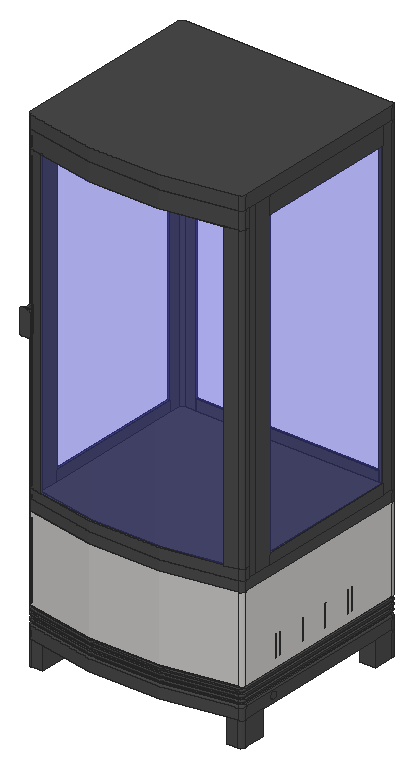
Revit family "QF_Turbo Air_CRT-77-1R", category Specialty Equipment, Revit 2014
Parameters
  Weight in Pounds = 81.5
  Watermarked By = ""
  Volts = 115 V
  URL Cutsheet = ""
  URL = "www.turboairinc.com"
  Status [instance] = ""
  Specification by User [instance] = ""
  Specification by Manufacturer [instance] = ""
  Serial Number [instance] = ""
  Revision Code [instance] = ""
  Phase = 1
  Number of Poles [instance] = 1
  NAFEM Spec ID Number [instance] = ""
  Model = "CRT-77-1R"
  Masterspec [instance] = ""
  Manufacturer = "Turbo Air"  # constant formula
  Item Number [instance] = "-"
  Installed By [instance] = ""
  HP = "2/9"
  Furnished By [instance] = ""
  Foodservice Equipment Identifier = yes
  FL Amps = 2.6 A
  Electrical Remarks [instance] = ""
  Electric Connection Type [instance] = ""
  Elec Conn RI Height [instance] = 0' - 0"
  Elec Conn Connection Height = 1' - 0"
  Description = "Refrigerated Show Case"
  Cycle = 60 Hz
  Conn Plug = "NEMA 5-15P"
  CSI MasterFormat = "11 41 13"
  Assembly Code = "E1090320"
  Apparent Power = if(Phase = 3, Volts * FL Amps * 1.73, Volts * FL Amps)  # 299 VA
Reference planes (in)
  plane 1 "BACK": y = 0
  plane 2: z = 0
  plane 3 "LEFT": x = -16.56573
  plane 4 "RIGHT": x = 0.18427
  plane 5 "FRONT": y = -16
  plane 6 "TOP": z = 38.5
  plane 7 "Bottom": z = 1.9375
  plane 8: z = 10.875
  plane 9 "Inside Bottom": z = 11.6875
  plane 10 "Glass Top": z = 36.125
  plane 11 "Inside Top": z = 37.5
  plane 12 "Vent Top": z = 4.3125
  plane 13 "Glass Bottom": z = 12.5
  plane 14 "Door Back": y = -14.38257
  plane 15 "Door Glass Left": x = -15.31573
  plane 16 "Door Glass Right": x = -1.06573
  plane 17 "Handle": z = 24.3125
Forms (in)
  Sweep 1, solid, material "QF_Plastic-Black-Fine Textured"
    path origin (0, 0, 1.9375) x (0, 1, 0) y (-1, 0, 0)
      loop
        line (-0.375, 16.56573) -> (-14.58872, 16.56573)
        arc (-14.58872, 16.56573) -> (-14.81696, 16.48827) -> (-14.95091, 16.28789) r 0.375
        arc (-14.95091, 16.28789) -> (-16.01816, 8.19073) -> (-14.95091, 0.09356) r 31.25
        arc (-14.95091, 0.09356) -> (-14.81696, -0.10682) -> (-14.58872, -0.18427) r 0.375
        line (-14.58872, -0.18427) -> (-0.375, -0.18427)
        arc (-0.375, -0.18427) -> (-0.10983, -0.07444) -> (0, 0.19073) r 0.375
        line (0, 0.19073) -> (0, 16.19073)
        arc (0, 16.19073) -> (-0.10983, 16.45589) -> (-0.375, 16.56573) r 0.375
    profile origin (-16.56573, -7.48186, 1.9375) x (1, 0, 0) y (0, 0, 1)
      loop
        line (0, 0) -> (0.0625, 0) -> (0.0625, 0.875)
        arc (0.0625, 0.875) -> (0.08081, 0.91919) -> (0.125, 0.9375) r 0.0625
        line (0.125, 0.9375) -> (0.3125, 0.9375) -> (0.3125, 2.375) -> (0.25, 2.375) -> (0.25, 2.125) -> (0.0625, 2.125)
        arc (0.0625, 2.125) -> (0, 2.0625) -> (0.0625, 2) r 0.0625
        line (0.0625, 2) -> (0.25, 2) -> (0.25, 1.75) -> (0.0625, 1.75)
        arc (0.0625, 1.75) -> (0, 1.6875) -> (0.0625, 1.625) r 0.0625
        line (0.0625, 1.625) -> (0.25, 1.625) -> (0.25, 1.375) -> (0.0625, 1.375)
        arc (0.0625, 1.375) -> (0, 1.3125) -> (0.0625, 1.25) r 0.0625
        line (0.0625, 1.25) -> (0.25, 1.25) -> (0.25, 1) -> (0.125, 1)
        arc (0.125, 1) -> (0.03661, 0.96339) -> (0, 0.875) r 0.125
        line (0, 0.875) -> (0, 0)
  Extrusion 2, solid, material "QF_Plastic-Black-Fine Textured"
    sketch origin (0, 0, 1.9375) x (0, 1, 0) y (-1, 0, 0)
      loop
        arc (-0.3125, 16.19073) -> (-0.33081, 16.23492) -> (-0.375, 16.25323) r 0.0625
        line (-0.375, 16.25323) -> (-14.58872, 16.25323)
        arc (-14.58872, 16.25323) -> (-14.62676, 16.24032) -> (-14.64908, 16.20692) r 0.0625
        arc (-14.64908, 16.20692) -> (-15.70566, 8.19073) -> (-14.64908, 0.17453) r 30.9375
        arc (-14.64908, 0.17453) -> (-14.62676, 0.14114) -> (-14.58872, 0.12823) r 0.0625
        line (-14.58872, 0.12823) -> (-0.375, 0.12823)
        arc (-0.375, 0.12823) -> (-0.33081, 0.14653) -> (-0.3125, 0.19073) r 0.0625
        line (-0.3125, 0.19073) -> (-0.3125, 16.19073)
    from 0 to 2.375
  Extrusion 3, solid, material "QF_Stainless-Polished"
    sketch origin (0, 0, 1.9375) x (0, 1, 0) y (-1, 0, 0)
      loop
        line (-0.375, 16.56573) -> (-14.58872, 16.56573)
        arc (-14.58872, 16.56573) -> (-14.81696, 16.48827) -> (-14.95091, 16.28789) r 0.375
        arc (-14.95091, 16.28789) -> (-16.01816, 8.19073) -> (-14.95091, 0.09356) r 31.25
        arc (-14.95091, 0.09356) -> (-14.81696, -0.10682) -> (-14.58872, -0.18427) r 0.375
        line (-14.58872, -0.18427) -> (-0.375, -0.18427)
        arc (-0.375, -0.18427) -> (-0.10983, -0.07444) -> (0, 0.19073) r 0.375
        line (0, 0.19073) -> (0, 16.19073)
        arc (0, 16.19073) -> (-0.10983, 16.45589) -> (-0.375, 16.56573) r 0.375
      loop
        line (-0.125, 0.19073) -> (-0.125, 16.19073)
        arc (-0.125, 16.19073) -> (-0.19822, 16.3675) -> (-0.375, 16.44073) r 0.25
        line (-0.375, 16.44073) -> (-14.58872, 16.44073)
        arc (-14.58872, 16.44073) -> (-14.74088, 16.38909) -> (-14.83018, 16.2555) r 0.25
        arc (-14.83018, 16.2555) -> (-15.89316, 8.19073) -> (-14.83018, 0.12595) r 31.125
        arc (-14.83018, 0.12595) -> (-14.74088, -0.00764) -> (-14.58872, -0.05927) r 0.25
        line (-14.58872, -0.05927) -> (-0.375, -0.05927)
        arc (-0.375, -0.05927) -> (-0.19822, 0.01395) -> (-0.125, 0.19073) r 0.25
    from 2.375 to 8.9375
  Extrusion 4, void
    sketch origin (-16.56573, 0, 0) x (0, 1, 0) y (0, 0, 1)
      loop
        line (-9.00908, 4.9375) -> (-9.00908, 6.6875)
        arc (-9.00908, 6.6875) -> (-9.07158, 6.75) -> (-9.13408, 6.6875) r 0.0625
        line (-9.13408, 6.6875) -> (-9.13408, 4.9375)
        arc (-9.13408, 4.9375) -> (-9.07158, 4.875) -> (-9.00908, 4.9375) r 0.0625
      loop
        line (-9.38408, 4.9375) -> (-9.38408, 6.6875)
        arc (-9.38408, 6.6875) -> (-9.44658, 6.75) -> (-9.50908, 6.6875) r 0.0625
        line (-9.50908, 6.6875) -> (-9.50908, 4.9375)
        arc (-9.50908, 4.9375) -> (-9.44658, 4.875) -> (-9.38408, 4.9375) r 0.0625
      loop
        line (-9.75908, 4.9375) -> (-9.75908, 6.6875)
        arc (-9.75908, 6.6875) -> (-9.82158, 6.75) -> (-9.88408, 6.6875) r 0.0625
        line (-9.88408, 6.6875) -> (-9.88408, 4.9375)
        arc (-9.88408, 4.9375) -> (-9.82158, 4.875) -> (-9.75908, 4.9375) r 0.0625
      loop
        line (-10.13408, 4.9375) -> (-10.13408, 6.6875)
        arc (-10.13408, 6.6875) -> (-10.19658, 6.75) -> (-10.25908, 6.6875) r 0.0625
        line (-10.25908, 6.6875) -> (-10.25908, 4.9375)
        arc (-10.25908, 4.9375) -> (-10.19658, 4.875) -> (-10.13408, 4.9375) r 0.0625
      loop
        line (-10.50908, 4.9375) -> (-10.50908, 6.6875)
        arc (-10.50908, 6.6875) -> (-10.57158, 6.75) -> (-10.63408, 6.6875) r 0.0625
        line (-10.63408, 6.6875) -> (-10.63408, 4.9375)
        arc (-10.63408, 4.9375) -> (-10.57158, 4.875) -> (-10.50908, 4.9375) r 0.0625
      loop
        line (-10.88408, 4.9375) -> (-10.88408, 6.6875)
        arc (-10.88408, 6.6875) -> (-10.94658, 6.75) -> (-11.00908, 6.6875) r 0.0625
        line (-11.00908, 6.6875) -> (-11.00908, 4.9375)
        arc (-11.00908, 4.9375) -> (-10.94658, 4.875) -> (-10.88408, 4.9375) r 0.0625
      loop
        line (-11.25908, 4.9375) -> (-11.25908, 6.6875)
        arc (-11.25908, 6.6875) -> (-11.32158, 6.75) -> (-11.38408, 6.6875) r 0.0625
        line (-11.38408, 6.6875) -> (-11.38408, 4.9375)
        arc (-11.38408, 4.9375) -> (-11.32158, 4.875) -> (-11.25908, 4.9375) r 0.0625
      loop
        line (-11.63408, 4.9375) -> (-11.63408, 6.6875)
        arc (-11.63408, 6.6875) -> (-11.69658, 6.75) -> (-11.75908, 6.6875) r 0.0625
        line (-11.75908, 6.6875) -> (-11.75908, 4.9375)
        arc (-11.75908, 4.9375) -> (-11.69658, 4.875) -> (-11.63408, 4.9375) r 0.0625
      loop
        line (-12.00908, 4.9375) -> (-12.00908, 6.6875)
        arc (-12.00908, 6.6875) -> (-12.07158, 6.75) -> (-12.13408, 6.6875) r 0.0625
        line (-12.13408, 6.6875) -> (-12.13408, 4.9375)
        arc (-12.13408, 4.9375) -> (-12.07158, 4.875) -> (-12.00908, 4.9375) r 0.0625
      loop
        line (-12.38408, 4.9375) -> (-12.38408, 6.6875)
        arc (-12.38408, 6.6875) -> (-12.44658, 6.75) -> (-12.50908, 6.6875) r 0.0625
        line (-12.50908, 6.6875) -> (-12.50908, 4.9375)
        arc (-12.50908, 4.9375) -> (-12.44658, 4.875) -> (-12.38408, 4.9375) r 0.0625
      loop
        line (-12.75908, 4.9375) -> (-12.75908, 6.6875)
        arc (-12.75908, 6.6875) -> (-12.82158, 6.75) -> (-12.88408, 6.6875) r 0.0625
        line (-12.88408, 6.6875) -> (-12.88408, 4.9375)
        arc (-12.88408, 4.9375) -> (-12.82158, 4.875) -> (-12.75908, 4.9375) r 0.0625
      loop
        line (-13.13408, 4.9375) -> (-13.13408, 6.6875)
        arc (-13.13408, 6.6875) -> (-13.19658, 6.75) -> (-13.25908, 6.6875) r 0.0625
        line (-13.25908, 6.6875) -> (-13.25908, 4.9375)
        arc (-13.25908, 4.9375) -> (-13.19658, 4.875) -> (-13.13408, 4.9375) r 0.0625
      loop
        line (-13.50908, 4.9375) -> (-13.50908, 6.6875)
        arc (-13.50908, 6.6875) -> (-13.57158, 6.75) -> (-13.63408, 6.6875) r 0.0625
        line (-13.63408, 6.6875) -> (-13.63408, 4.9375)
        arc (-13.63408, 4.9375) -> (-13.57158, 4.875) -> (-13.50908, 4.9375) r 0.0625
      loop
        arc (-7.00908, 4.9375) -> (-6.94658, 4.875) -> (-6.88408, 4.9375) r 0.0625
        line (-6.88408, 4.9375) -> (-6.88408, 6.6875)
        arc (-6.88408, 6.6875) -> (-6.94658, 6.75) -> (-7.00908, 6.6875) r 0.0625
        line (-7.00908, 6.6875) -> (-7.00908, 4.9375)
      loop
        arc (-6.63408, 4.9375) -> (-6.57158, 4.875) -> (-6.50908, 4.9375) r 0.0625
        line (-6.50908, 4.9375) -> (-6.50908, 6.6875)
        arc (-6.50908, 6.6875) -> (-6.57158, 6.75) -> (-6.63408, 6.6875) r 0.0625
        line (-6.63408, 6.6875) -> (-6.63408, 4.9375)
      loop
        arc (-6.25908, 4.9375) -> (-6.19658, 4.875) -> (-6.13408, 4.9375) r 0.0625
        line (-6.13408, 4.9375) -> (-6.13408, 6.6875)
        arc (-6.13408, 6.6875) -> (-6.19658, 6.75) -> (-6.25908, 6.6875) r 0.0625
        line (-6.25908, 6.6875) -> (-6.25908, 4.9375)
      loop
        arc (-5.88408, 4.9375) -> (-5.82158, 4.875) -> (-5.75908, 4.9375) r 0.0625
        line (-5.75908, 4.9375) -> (-5.75908, 6.6875)
        arc (-5.75908, 6.6875) -> (-5.82158, 6.75) -> (-5.88408, 6.6875) r 0.0625
        line (-5.88408, 6.6875) -> (-5.88408, 4.9375)
      loop
        arc (-5.50908, 4.9375) -> (-5.44658, 4.875) -> (-5.38408, 4.9375) r 0.0625
        line (-5.38408, 4.9375) -> (-5.38408, 6.6875)
        arc (-5.38408, 6.6875) -> (-5.44658, 6.75) -> (-5.50908, 6.6875) r 0.0625
        line (-5.50908, 6.6875) -> (-5.50908, 4.9375)
      loop
        arc (-5.13408, 4.9375) -> (-5.07158, 4.875) -> (-5.00908, 4.9375) r 0.0625
        line (-5.00908, 4.9375) -> (-5.00908, 6.6875)
        arc (-5.00908, 6.6875) -> (-5.07158, 6.75) -> (-5.13408, 6.6875) r 0.0625
        line (-5.13408, 6.6875) -> (-5.13408, 4.9375)
      loop
        arc (-4.75908, 4.9375) -> (-4.69658, 4.875) -> (-4.63408, 4.9375) r 0.0625
        line (-4.63408, 4.9375) -> (-4.63408, 6.6875)
        arc (-4.63408, 6.6875) -> (-4.69658, 6.75) -> (-4.75908, 6.6875) r 0.0625
        line (-4.75908, 6.6875) -> (-4.75908, 4.9375)
      loop
        arc (-4.38408, 4.9375) -> (-4.32158, 4.875) -> (-4.25908, 4.9375) r 0.0625
        line (-4.25908, 4.9375) -> (-4.25908, 6.6875)
        arc (-4.25908, 6.6875) -> (-4.32158, 6.75) -> (-4.38408, 6.6875) r 0.0625
        line (-4.38408, 6.6875) -> (-4.38408, 4.9375)
      loop
        arc (-4.00908, 4.9375) -> (-3.94658, 4.875) -> (-3.88408, 4.9375) r 0.0625
        line (-3.88408, 4.9375) -> (-3.88408, 6.6875)
        arc (-3.88408, 6.6875) -> (-3.94658, 6.75) -> (-4.00908, 6.6875) r 0.0625
        line (-4.00908, 6.6875) -> (-4.00908, 4.9375)
      loop
        arc (-3.63408, 4.9375) -> (-3.57158, 4.875) -> (-3.50908, 4.9375) r 0.0625
        line (-3.50908, 4.9375) -> (-3.50908, 6.6875)
        arc (-3.50908, 6.6875) -> (-3.57158, 6.75) -> (-3.63408, 6.6875) r 0.0625
        line (-3.63408, 6.6875) -> (-3.63408, 4.9375)
      loop
        arc (-3.25908, 4.9375) -> (-3.19658, 4.875) -> (-3.13408, 4.9375) r 0.0625
        line (-3.13408, 4.9375) -> (-3.13408, 6.6875)
        arc (-3.13408, 6.6875) -> (-3.19658, 6.75) -> (-3.25908, 6.6875) r 0.0625
        line (-3.25908, 6.6875) -> (-3.25908, 4.9375)
      loop
        arc (-2.88408, 4.9375) -> (-2.82158, 4.875) -> (-2.75908, 4.9375) r 0.0625
        line (-2.75908, 4.9375) -> (-2.75908, 6.6875)
        arc (-2.75908, 6.6875) -> (-2.82158, 6.75) -> (-2.88408, 6.6875) r 0.0625
        line (-2.88408, 6.6875) -> (-2.88408, 4.9375)
      loop
        arc (-2.50908, 4.9375) -> (-2.44658, 4.875) -> (-2.38408, 4.9375) r 0.0625
        line (-2.38408, 4.9375) -> (-2.38408, 6.6875)
        arc (-2.38408, 6.6875) -> (-2.44658, 6.75) -> (-2.50908, 6.6875) r 0.0625
        line (-2.50908, 6.6875) -> (-2.50908, 4.9375)
    from 0 to 16.75
  Extrusion 5, solid, material "QF_Plastic-Black-Fine Textured"
    sketch origin (0, 0, 11.6875) x (0, 1, 0) y (-1, 0, 0)
      loop
        arc (0, 16.19073) -> (-0.10983, 16.45589) -> (-0.375, 16.56573) r 0.375
        line (-0.375, 16.56573) -> (-14.58872, 16.56573)
        arc (-14.58872, 16.56573) -> (-14.81696, 16.48827) -> (-14.95091, 16.28789) r 0.375
        arc (-14.95091, 16.28789) -> (-16.01816, 8.19073) -> (-14.95091, 0.09356) r 31.25
        arc (-14.95091, 0.09356) -> (-14.81696, -0.10682) -> (-14.58872, -0.18427) r 0.375
        line (-14.58872, -0.18427) -> (-0.375, -0.18427)
        arc (-0.375, -0.18427) -> (-0.10983, -0.07444) -> (0, 0.19073) r 0.375
        line (0, 0.19073) -> (0, 16.19073)
    from 0 to -0.8125
  Extrusion 6, solid, material "QF_Plastic-Black-Fine Textured"
    sketch origin (0, 0, 11.6875) x (0, 1, 0) y (-1, 0, 0)
      loop
        arc (0, 16.19073) -> (-0.10983, 16.45589) -> (-0.375, 16.56573) r 0.375
        line (-0.375, 16.56573) -> (-1.25, 16.56573) -> (-1.25, 16.44073) -> (-0.375, 16.44073)
        arc (-0.375, 16.44073) -> (-0.19822, 16.3675) -> (-0.125, 16.19073) r 0.25
        line (-0.125, 16.19073) -> (-0.125, 15.31573) -> (0, 15.31573) -> (0, 16.19073)
      loop
        line (0, 0.19073) -> (0, 1.06573) -> (-0.125, 1.06573) -> (-0.125, 0.19073)
        arc (-0.125, 0.19073) -> (-0.19822, 0.01395) -> (-0.375, -0.05927) r 0.25
        line (-0.375, -0.05927) -> (-1.25, -0.05927) -> (-1.25, -0.18427) -> (-0.375, -0.18427)
        arc (-0.375, -0.18427) -> (-0.10983, -0.07444) -> (0, 0.19073) r 0.375
      loop
        arc (-15.06667, 15.31573) -> (-14.95208, 15.78653) -> (-14.83018, 16.2555) r 31.125
        arc (-14.83018, 16.2555) -> (-14.74088, 16.38909) -> (-14.58872, 16.44073) r 0.25
        line (-14.58872, 16.44073) -> (-13.71372, 16.44073) -> (-13.71372, 16.56573) -> (-14.58872, 16.56573)
        arc (-14.58872, 16.56573) -> (-14.81696, 16.48827) -> (-14.95091, 16.28789) r 0.375
        arc (-14.95091, 16.28789) -> (-15.07689, 15.80279) -> (-15.19507, 15.31573) r 31.25
        line (-15.19507, 15.31573) -> (-15.06667, 15.31573)
      loop
        line (-12.27622, 16.44073) -> (-12.27622, 16.56573) -> (-13.65122, 16.56573) -> (-13.65122, 16.44073) -> (-12.27622, 16.44073)
      loop
        line (-15.06667, 1.06573) -> (-15.19507, 1.06573)
        arc (-15.19507, 1.06573) -> (-15.07689, 0.57866) -> (-14.95091, 0.09356) r 31.25
        arc (-14.95091, 0.09356) -> (-14.81696, -0.10682) -> (-14.58872, -0.18427) r 0.375
        line (-14.58872, -0.18427) -> (-13.71372, -0.18427) -> (-13.71372, -0.05927) -> (-14.58872, -0.05927)
        arc (-14.58872, -0.05927) -> (-14.74088, -0.00764) -> (-14.83018, 0.12595) r 0.25
        arc (-14.83018, 0.12595) -> (-14.95208, 0.59492) -> (-15.06667, 1.06573) r 31.125
      loop
        line (-12.27622, -0.05927) -> (-13.65122, -0.05927) -> (-13.65122, -0.18427) -> (-12.27622, -0.18427) -> (-12.27622, -0.05927)
    from 0 to 25.8125
  Extrusion 7, void
    sketch origin (-16.56573, 0, 0) x (0, 1, 0) y (0, 0, 1)
      loop
        line (-15.19507, 37.5) -> (-15.19507, 11.6875) -> (-14.38257, 11.6875) -> (-14.38257, 37.5) -> (-15.19507, 37.5)
    from 0 to 16.75
  Extrusion 8, solid, material "QF_Plastic-Black-Fine Textured"
    sketch origin (0, 0, 11.6875) x (0, 1, 0) y (-1, 0, 0)
      loop
        line (-14.38257, 16.56573) -> (-14.58872, 16.56573)
        arc (-14.58872, 16.56573) -> (-14.81696, 16.48827) -> (-14.95091, 16.28789) r 0.375
        arc (-14.95091, 16.28789) -> (-16.01816, 8.19073) -> (-14.95091, 0.09356) r 31.25
        arc (-14.95091, 0.09356) -> (-14.81696, -0.10682) -> (-14.58872, -0.18427) r 0.375
        line (-14.58872, -0.18427) -> (-14.38257, -0.18427) -> (-14.38257, -0.05927) -> (-14.58872, -0.05927)
        arc (-14.58872, -0.05927) -> (-14.74088, -0.00764) -> (-14.83018, 0.12595) r 0.25
        arc (-14.83018, 0.12595) -> (-15.89316, 8.19073) -> (-14.83018, 16.2555) r 31.125
        arc (-14.83018, 16.2555) -> (-14.74088, 16.38909) -> (-14.58872, 16.44073) r 0.25
        line (-14.58872, 16.44073) -> (-14.38257, 16.44073) -> (-14.38257, 16.56573)
    from 0 to 0.8125
  Extrusion 9, solid, material "QF_Plastic-Black-Fine Textured"
    sketch origin (0, 0, 36.125) x (0, 1, 0) y (-1, 0, 0)
      loop
        line (-14.38257, 16.56573) -> (-14.58872, 16.56573)
        arc (-14.58872, 16.56573) -> (-14.81696, 16.48827) -> (-14.95091, 16.28789) r 0.375
        arc (-14.95091, 16.28789) -> (-16.01816, 8.19073) -> (-14.95091, 0.09356) r 31.25
        arc (-14.95091, 0.09356) -> (-14.81696, -0.10682) -> (-14.58872, -0.18427) r 0.375
        line (-14.58872, -0.18427) -> (-14.38257, -0.18427) -> (-14.38257, -0.05927) -> (-14.58872, -0.05927)
        arc (-14.58872, -0.05927) -> (-14.74088, -0.00764) -> (-14.83018, 0.12595) r 0.25
        arc (-14.83018, 0.12595) -> (-15.89316, 8.19073) -> (-14.83018, 16.2555) r 31.125
        arc (-14.83018, 16.2555) -> (-14.74088, 16.38909) -> (-14.58872, 16.44073) r 0.25
        line (-14.58872, 16.44073) -> (-14.38257, 16.44073) -> (-14.38257, 16.56573)
    from 0 to 1.375
  Extrusion 10, solid, material "QF_Plastic-Black-Fine Textured"
    sketch origin (0, 0, 11.6875) x (0, 1, 0) y (-1, 0, 0)
      loop
        line (-14.38257, 16.56573) -> (-14.58872, 16.56573)
        arc (-14.58872, 16.56573) -> (-14.81696, 16.48827) -> (-14.95091, 16.28789) r 0.375
        arc (-14.95091, 16.28789) -> (-15.07689, 15.80279) -> (-15.19507, 15.31573) r 31.25
        line (-15.19507, 15.31573) -> (-15.06667, 15.31573)
        arc (-15.06667, 15.31573) -> (-14.95208, 15.78653) -> (-14.83018, 16.2555) r 31.125
        arc (-14.83018, 16.2555) -> (-14.74088, 16.38909) -> (-14.58872, 16.44073) r 0.25
        line (-14.58872, 16.44073) -> (-14.38257, 16.44073) -> (-14.38257, 16.56573)
      loop
        line (-14.38257, -0.18427) -> (-14.38257, -0.05927) -> (-14.58872, -0.05927)
        arc (-14.58872, -0.05927) -> (-14.74088, -0.00764) -> (-14.83018, 0.12595) r 0.25
        arc (-14.83018, 0.12595) -> (-14.95208, 0.59492) -> (-15.06667, 1.06573) r 31.125
        line (-15.06667, 1.06573) -> (-15.19507, 1.06573)
        arc (-15.19507, 1.06573) -> (-15.07689, 0.57866) -> (-14.95091, 0.09356) r 31.25
        arc (-14.95091, 0.09356) -> (-14.81696, -0.10682) -> (-14.58872, -0.18427) r 0.375
        line (-14.58872, -0.18427) -> (-14.38257, -0.18427)
    from 0.8125 to 24.4375
  Extrusion 11, solid, material "QF_Glass-Cast-Clear"
    sketch origin (0, 0, 11.6875) x (0, 1, 0) y (-1, 0, 0)
      loop
        arc (-15.19507, 15.31573) -> (-16.01816, 8.19073) -> (-15.19507, 1.06573) r 31.25
        line (-15.19507, 1.06573) -> (-15.06667, 1.06573)
        arc (-15.06667, 1.06573) -> (-15.89316, 8.19073) -> (-15.06667, 15.31573) r 31.125
        line (-15.06667, 15.31573) -> (-15.19507, 15.31573)
    from 0.8125 to 24.4375
  Extrusion 12, solid, material "QF_Plastic-Black-Fine Textured"
    sketch origin (0, 0, 11.6875) x (0, 1, 0) y (-1, 0, 0)
      loop
        line (-1.25, 16.56573) -> (-12.27622, 16.56573) -> (-12.27622, 16.44073) -> (-1.25, 16.44073) -> (-1.25, 16.56573)
      loop
        line (0, 15.31573) -> (-0.125, 15.31573) -> (-0.125, 1.06573) -> (0, 1.06573) -> (0, 15.31573)
      loop
        line (-1.25, -0.05927) -> (-12.27622, -0.05927) -> (-12.27622, -0.18427) -> (-1.25, -0.18427) -> (-1.25, -0.05927)
    from 0 to 0.8125
  Extrusion 13, solid, material "QF_Plastic-Black-Fine Textured"
    sketch origin (0, 0, 36.125) x (0, 1, 0) y (-1, 0, 0)
      loop
        line (-1.25, 16.56573) -> (-12.27622, 16.56573) -> (-12.27622, 16.44073) -> (-1.25, 16.44073) -> (-1.25, 16.56573)
      loop
        line (0, 15.31573) -> (-0.125, 15.31573) -> (-0.125, 1.06573) -> (0, 1.06573) -> (0, 15.31573)
      loop
        line (-1.25, -0.05927) -> (-12.27622, -0.05927) -> (-12.27622, -0.18427) -> (-1.25, -0.18427) -> (-1.25, -0.05927)
    from 0 to 1.375
  Extrusion 14, solid, material "QF_Glass-Cast-Clear"
    sketch origin (0, 0, 12.5) x (0, 1, 0) y (-1, 0, 0)
      loop
        line (-1.25, 16.56573) -> (-12.27622, 16.56573) -> (-12.27622, 16.44073) -> (-1.25, 16.44073) -> (-1.25, 16.56573)
      loop
        line (0, 15.31573) -> (-0.125, 15.31573) -> (-0.125, 1.06573) -> (0, 1.06573) -> (0, 15.31573)
      loop
        line (-1.25, -0.05927) -> (-12.27622, -0.05927) -> (-12.27622, -0.18427) -> (-1.25, -0.18427) -> (-1.25, -0.05927)
    from 0 to 23.625
  Extrusion 15, solid, material "QF_Plastic-Black-Fine Textured"
    sketch origin (0, 0, 37.5) x (0, 1, 0) y (-1, 0, 0)
      loop
        arc (0, 16.19073) -> (-0.10983, 16.45589) -> (-0.375, 16.56573) r 0.375
        line (-0.375, 16.56573) -> (-14.58872, 16.56573)
        arc (-14.58872, 16.56573) -> (-14.81696, 16.48827) -> (-14.95091, 16.28789) r 0.375
        arc (-14.95091, 16.28789) -> (-16.01816, 8.19073) -> (-14.95091, 0.09356) r 31.25
        arc (-14.95091, 0.09356) -> (-14.81696, -0.10682) -> (-14.58872, -0.18427) r 0.375
        line (-14.58872, -0.18427) -> (-0.375, -0.18427)
        arc (-0.375, -0.18427) -> (-0.10983, -0.07444) -> (0, 0.19073) r 0.375
        line (0, 0.19073) -> (0, 16.19073)
    from 0 to 1
  Extrusion 16, solid, material "QF_Plastic-Black-Fine Textured"
    sketch origin (0, 0, 24.3125) x (0, 1, 0) y (-1, 0, 0)
      loop
        line (-14.96019, 16.25323) -> (-15.5, 16.25323) -> (-15.5, 16.12823) -> (-14.99329, 16.12823)
        arc (-14.99329, 16.12823) -> (-14.9768, 16.19074) -> (-14.96019, 16.25323) r 31.25
    from -1 to 1
  Extrusion 17, solid, material "QF_Plastic-Black-Fine Textured"
    sketch origin (0, -16, 0) x (1, 0, 0) y (0, 0, 1)
      loop
        arc (-16.40948, 25.3125) -> (-16.54206, 25.25758) -> (-16.59698, 25.125) r 0.1875
        line (-16.59698, 25.125) -> (-16.59698, 23.5)
        arc (-16.59698, 23.5) -> (-16.54206, 23.36742) -> (-16.40948, 23.3125) r 0.1875
        line (-16.40948, 23.3125) -> (-15.97198, 23.3125)
        arc (-15.97198, 23.3125) -> (-15.83939, 23.36742) -> (-15.78448, 23.5) r 0.1875
        line (-15.78448, 23.5) -> (-15.78448, 25.125)
        arc (-15.78448, 25.125) -> (-15.83939, 25.25758) -> (-15.97198, 25.3125) r 0.1875
        line (-15.97198, 25.3125) -> (-16.40948, 25.3125)
    from -0.5 to -0.375
  Extrusion 18, solid, material "QF_Clearance", detail levels coarse+medium
    sketch origin (0, 0, 11.6875) x (0, 1, 0) y (-1, 0, 0)
      loop
        line (-14.38257, -0.39042) -> (-14.38257, -0.18427) -> (-14.58872, -0.18427)
        arc (-14.58872, -0.18427) -> (-14.81696, -0.10682) -> (-14.95091, 0.09356) r 0.375
        arc (-14.95091, 0.09356) -> (-16.01708, 7.93069) -> (-15.08148, 15.78448) r 31.25
        line (-15.08148, 15.78448) -> (-15.625, 15.78448) -> (-15.625, 16.51958)
        arc (-15.625, 16.51958) -> (-26.65802, 11.21204) -> (-31.13257, -0.18427) r 16.75
        line (-31.13257, -0.18427) -> (-31.13257, -0.39042)
        arc (-31.13257, -0.39042) -> (-31.05511, -0.61866) -> (-30.85474, -0.75261) r 0.375
        arc (-30.85474, -0.75261) -> (-22.75757, -1.81986) -> (-14.6604, -0.75261) r 31.25
        arc (-14.6604, -0.75261) -> (-14.46003, -0.61866) -> (-14.38257, -0.39042) r 0.375
    from 0 to 25.8125
  Extrusion 19, solid, material "QF_Plastic-Black-Fine Textured"
    sketch origin (0, 0, 0) x (1, 0, 0) y (0, 1, 0)
      loop
        arc (-16.19073, 0) -> (-16.45589, -0.10983) -> (-16.56573, -0.375) r 0.375
        line (-16.56573, -0.375) -> (-16.56573, -2) -> (-15.37823, -2) -> (-15.37823, 0) -> (-16.19073, 0)
      loop
        line (-0.19073, 0) -> (-1.00323, 0) -> (-1.00323, -2) -> (0.18427, -2) -> (0.18427, -0.375)
        arc (0.18427, -0.375) -> (0.07444, -0.10983) -> (-0.19073, 0) r 0.375
      loop
        line (-16.19073, -14.96372) -> (-15.37823, -14.96372) -> (-15.37823, -12.96372) -> (-16.56573, -12.96372) -> (-16.56573, -14.58872)
        arc (-16.56573, -14.58872) -> (-16.45589, -14.85388) -> (-16.19073, -14.96372) r 0.375
      loop
        arc (-0.19073, -14.96372) -> (0.07444, -14.85388) -> (0.18427, -14.58872) r 0.375
        line (0.18427, -14.58872) -> (0.18427, -12.96372) -> (-1.00323, -12.96372) -> (-1.00323, -14.96372) -> (-0.19073, -14.96372)
    from 0 to 1.9375
  Extrusion 20, solid, material "QF_Plastic-Black-Fine Textured"
    sketch origin (0.18427, 0, 0) x (0, 1, 0) y (0, 0, 1)
      loop
        circle (-12, 2.5) r 0.25
    from 0 to 0.0625
Cuts and joins
  Extrusion 4 cuts Extrusion 3
  Extrusion 7 cuts Extrusion 6
Lines and regions (in)
  symbolic lines
    curve 1: arc (-16.19073, 0, 11.6875) -> (-16.45589, -0.10983, 11.6875) -> (-16.56573, -0.375, 11.6875) r 0.375
    curve 2: line (-0.19073, 0, 11.6875) -> (-16.19073, 0, 11.6875)
    curve 3: line (-16.56573, -0.375, 11.6875) -> (-16.56573, -14.58872, 11.6875)
    curve 4: arc (0.18427, -0.375, 11.6875) -> (0.07444, -0.10983, 11.6875) -> (-0.19073, 0, 11.6875) r 0.375
    curve 5: line (0.18427, -14.58872, 11.6875) -> (0.18427, -0.375, 11.6875)
    curve 6: arc (-0.09356, -14.95091, 11.6875) -> (0.10682, -14.81696, 11.6875) -> (0.18427, -14.58872, 11.6875) r 0.375
    curve 7: arc (-16.28789, -14.95091, 11.6875) -> (-8.19073, -16.01816, 11.6875) -> (-0.09356, -14.95091, 11.6875) r 31.25
    curve 8: arc (-16.56573, -14.58872, 11.6875) -> (-16.48827, -14.81696, 11.6875) -> (-16.28789, -14.95091, 11.6875) r 0.375
    curve 9: line (-16.25323, -14.96019, 11.6875) -> (-16.25323, -15.5, 11.6875)
    curve 10: line (-16.12823, -15.5, 11.6875) -> (-16.12823, -14.99329, 11.6875)
    curve 11: line (-15.78448, -15.625, 11.6875) -> (-16.59698, -15.625, 11.6875)
    curve 12: line (-15.78448, -15.5, 11.6875) -> (-16.59698, -15.5, 11.6875)
    curve 13: line (-16.59698, -15.5, 11.6875) -> (-16.59698, -15.625, 11.6875)
    curve 14: line (-15.78448, -15.5, 11.6875) -> (-15.78448, -15.625, 11.6875)
  symbolic lines, style "QF_Clearances_Door_Drawer", detail levels coarse+medium
    curve 15: arc (-16.51958, -15.625, 11.6875) -> (-11.21204, -26.65802, 11.6875) -> (0.18427, -31.13257, 11.6875) r 16.75
    curve 16: arc (0.75261, -30.85474, 11.6875) -> (1.81986, -22.75757, 11.6875) -> (0.75261, -14.6604, 11.6875) r 31.25
    curve 17: arc (0.75261, -14.6604, 11.6875) -> (0.61866, -14.46003, 11.6875) -> (0.39042, -14.38257, 11.6875) r 0.375
    curve 18: line (0.39042, -14.38257, 11.6875) -> (0.18427, -14.38257, 11.6875)
    curve 19: arc (0.39042, -31.13257, 11.6875) -> (0.61866, -31.05511, 11.6875) -> (0.75261, -30.85474, 11.6875) r 0.375
    curve 20: line (0.18427, -31.13257, 11.6875) -> (0.39042, -31.13257, 11.6875)
Dimensions and locks (in)
  locked: plane 4 "RIGHT" to plane 3 "LEFT" at 16.75
  locked: plane 5 "FRONT" to plane 1 "BACK" at 16
  locked: plane 6 "TOP" to plane 2 at 38.5
  plane 6 "TOP" to plane 11 "Inside Top" = 0' - 1"
  plane 11 "Inside Top" to plane 10 "Glass Top" = 0' - 1 3/8"
  locked: plane 7 "Bottom" to level at 1.9375
  locked: plane 12 "Vent Top" to plane 7 "Bottom" at 2.375
  locked: plane 9 "Inside Bottom" to plane 8 at 0.8125
  locked: plane 8 to plane 12 "Vent Top" at 6.5625
  locked: plane 13 "Glass Bottom" to plane 9 "Inside Bottom" at 0.8125
  locked: plane 5 "FRONT" to plane 14 "Door Back" at 1.61743
  locked: plane 3 "LEFT" to plane 15 "Door Glass Left" at 1.25
  locked: plane 16 "Door Glass Right" to plane 4 "RIGHT" at 1.25
  equal spacing: plane 10 "Glass Top", plane 17 "Handle", plane 13 "Glass Bottom"
  plane 5 "FRONT" to Extrusion 16 sketch curve = 0' - 0 1/2"
  locked: plane 5 "FRONT" to Extrusion 20 sketch curve at 4
  locked: Extrusion 20 sketch curve to level at 2.5
  aligned and locked: level to plane 2
  aligned and locked: plane 12 "Vent Top" to Extrusion 2
  aligned and locked: plane 8 to Extrusion 3
  aligned and locked: Extrusion 3 to plane 12 "Vent Top"
  aligned and locked: plane 4 "RIGHT" to Extrusion 4
  aligned and locked: Extrusion 5 to plane 8
  aligned and locked: plane 11 "Inside Top" to Extrusion 6
  aligned and locked: plane 11 "Inside Top" to Extrusion 13
  aligned and locked: plane 10 "Glass Top" to Extrusion 14
  aligned and locked: plane 6 "TOP" to Extrusion 15
  aligned and locked: plane 11 "Inside Top" to Extrusion 18
Automatic sketch dimensions
  Sweep 1 sketch curve to plane 4 "RIGHT" = 0' - 0"
  Sweep 1 sketch curve to plane 3 "LEFT" = 0' - 0"
  plane 1 "BACK" to Sweep 1 sketch curve = 0' - 0"
  plane 1 "BACK" to Sweep 1 sketch curve = 0' - 0 3/8"
  Sweep 1 sketch curve to Sweep 1 sketch curve = 0' - 0 3/8"  (x3)
  plane 14 "Door Back" to Sweep 1 sketch curve = 0' - 0.20615"  (x2)
  plane 15 "Door Glass Left" to Sweep 1 sketch curve = 0' - 7 1/8"
  Sweep 1 sketch curve to plane 1 "BACK" = 1' - 3.23184"
  Sweep 1 sketch curve to Sweep 1 sketch curve = 0' - 0"  (x5)
  profile plane to Sweep 1 sketch curve = 0' - 0"
  Sweep 1 sketch curve to plane 7 "Bottom" = 0' - 0"
  Sweep 1 sketch curve to profile plane = 0' - 0 1/16"  (x4)
  Sweep 1 sketch curve to Sweep 1 sketch curve = 0' - 0 1/16"  (x5)
  Sweep 1 sketch curve to Sweep 1 sketch curve = 0' - 0 3/16"  (x2)
  plane 7 "Bottom" to Sweep 1 sketch curve = 0' - 0 7/8"
  Sweep 1 sketch curve to Sweep 1 sketch curve = 0' - 0 1/4"  (x4)
  plane 14 "Door Back" to Extrusion 2 sketch curve = 0' - 0.20615"  (x2)
  plane 1 "BACK" to Extrusion 2 sketch curve = 0' - 0 3/8"  (x2)
  Extrusion 2 sketch curve to Extrusion 2 sketch curve = 0' - 0 1/16"  (x2)
  plane 15 "Door Glass Left" to Extrusion 2 sketch curve = 0' - 7 1/8"
  Extrusion 2 sketch curve to plane 1 "BACK" = 1' - 3.23184"
  Extrusion 2 sketch curve to plane 4 "RIGHT" = 0' - 0 3/8"
  plane 3 "LEFT" to Extrusion 2 sketch curve = 0' - 0 3/8"  (x2)
  Extrusion 2 sketch curve to Extrusion 2 sketch curve = 0' - 0"
  Extrusion 3 sketch curve to Extrusion 3 sketch curve = 0' - 0"  (x12)
  Extrusion 3 sketch curve to plane 3 "LEFT" = 0' - 0"
  Extrusion 3 sketch curve to plane 4 "RIGHT" = 0' - 0"
  plane 1 "BACK" to Extrusion 3 sketch curve = 0' - 0"
  Extrusion 3 sketch curve to Extrusion 3 sketch curve = 0' - 0 1/8"
  Extrusion 3 sketch curve to Extrusion 3 sketch curve = 0' - 0 1/4"  (x4)
  plane 14 "Door Back" to Extrusion 3 sketch curve = 0' - 0.20615"  (x2)
  plane 15 "Door Glass Left" to Extrusion 3 sketch curve = 0' - 7 1/8"
  Extrusion 3 sketch curve to plane 1 "BACK" = 1' - 3.23184"
  Extrusion 4 sketch curve to plane 14 "Door Back" = 0' - 0.74849"
  Extrusion 4 sketch curve to Extrusion 4 sketch curve = 0' - 0 1/16"  (x26)
  Extrusion 4 sketch curve to Extrusion 4 sketch curve = 0' - 0 1/4"  (x24)
  plane 12 "Vent Top" to Extrusion 4 sketch curve = 0' - 0 5/8"  (x2)
  Extrusion 4 sketch curve to Extrusion 4 sketch curve = 0' - 2"
  Extrusion 4 sketch curve to Extrusion 4 sketch curve = 0' - 0"  (x48)
  Extrusion 4 sketch curve to Extrusion 4 sketch curve = 0' - 1 3/4"  (x2)
  Extrusion 5 sketch curve to plane 4 "RIGHT" = 0' - 0"
  Extrusion 5 sketch curve to plane 3 "LEFT" = 0' - 0"
  plane 1 "BACK" to Extrusion 5 sketch curve = 0' - 0"
  plane 1 "BACK" to Extrusion 5 sketch curve = 0' - 0 3/8"
  Extrusion 5 sketch curve to Extrusion 5 sketch curve = 0' - 0 3/8"  (x2)
  plane 14 "Door Back" to Extrusion 5 sketch curve = 0' - 0.20615"  (x2)
  plane 15 "Door Glass Left" to Extrusion 5 sketch curve = 0' - 7 1/8"
  Extrusion 5 sketch curve to plane 1 "BACK" = 1' - 3.23184"
  plane 3 "LEFT" to Extrusion 5 sketch curve = 0' - 0 3/8"
  Extrusion 5 sketch curve to Extrusion 5 sketch curve = 0' - 0"
  Extrusion 6 sketch curve to Extrusion 6 sketch curve = 0' - 0"  (x22)
  Extrusion 6 sketch curve to plane 16 "Door Glass Right" = 0' - 0"  (x2)
  Extrusion 6 sketch curve to plane 15 "Door Glass Left" = 0' - 0"  (x2)
  Extrusion 6 sketch curve to plane 3 "LEFT" = 0' - 0"  (x3)
  Extrusion 6 sketch curve to plane 4 "RIGHT" = 0' - 0"  (x3)
  plane 1 "BACK" to Extrusion 6 sketch curve = 0' - 0"  (x2)
  Extrusion 6 sketch curve to Extrusion 6 sketch curve = 0' - 0 1/8"  (x2)
  plane 1 "BACK" to Extrusion 6 sketch curve = 0' - 0 3/8"
  Extrusion 6 sketch curve to Extrusion 6 sketch curve = 0' - 0 1/4"  (x2)
  Extrusion 6 sketch curve to Extrusion 6 sketch curve = 0' - 0 7/8"  (x2)
  Extrusion 6 sketch curve to plane 14 "Door Back" = 0' - 2.10635"  (x2)
  Extrusion 6 sketch curve to plane 4 "RIGHT" = 0' - 0 1/8"
  Extrusion 6 sketch curve to plane 14 "Door Back" = 0' - 0.73135"  (x2)
  plane 3 "LEFT" to Extrusion 6 sketch curve = 0' - 0 1/8"
  Extrusion 6 sketch curve to Extrusion 6 sketch curve = 0' - 0 1/16"  (x2)
  plane 14 "Door Back" to Extrusion 6 sketch curve = 0' - 0.20615"  (x2)
  plane 14 "Door Back" to Extrusion 6 sketch curve = 0' - 0.6841"  (x2)
  Extrusion 6 sketch curve to Extrusion 6 sketch curve = 0' - 0.1284"  (x2)
  plane 15 "Door Glass Left" to Extrusion 6 sketch curve = 0' - 7 1/8"
  Extrusion 6 sketch curve to plane 1 "BACK" = 1' - 3.23184"
  plane 3 "LEFT" to Extrusion 6 sketch curve = 0' - 0 3/8"
  Extrusion 7 sketch curve to plane 11 "Inside Top" = 0' - 0"
  Extrusion 7 sketch curve to plane 9 "Inside Bottom" = 0' - 0"
  Extrusion 7 sketch curve to plane 14 "Door Back" = 0' - 0"
  Extrusion 7 sketch curve to plane 5 "FRONT" = 0' - 0.80493"
  Extrusion 8 sketch curve to Extrusion 8 sketch curve = 0' - 0"  (x8)
  Extrusion 8 sketch curve to plane 4 "RIGHT" = 0' - 0"
  Extrusion 8 sketch curve to plane 3 "LEFT" = 0' - 0"
  plane 14 "Door Back" to Extrusion 8 sketch curve = 0' - 0"  (x2)
  plane 14 "Door Back" to Extrusion 8 sketch curve = 0' - 0.20615"
  Extrusion 8 sketch curve to Extrusion 8 sketch curve = 0' - 0.20615"
  plane 15 "Door Glass Left" to Extrusion 8 sketch curve = 0' - 7 1/8"
  Extrusion 8 sketch curve to plane 1 "BACK" = 1' - 3.23184"
  Extrusion 8 sketch curve to plane 4 "RIGHT" = 0' - 0 1/8"
  Extrusion 8 sketch curve to Extrusion 8 sketch curve = 0' - 0 1/4"
  plane 3 "LEFT" to Extrusion 8 sketch curve = 0' - 0 3/8"
  plane 3 "LEFT" to Extrusion 8 sketch curve = 0' - 0 1/8"
  Extrusion 9 sketch curve to Extrusion 9 sketch curve = 0' - 0"  (x8)
  Extrusion 9 sketch curve to plane 4 "RIGHT" = 0' - 0"
  Extrusion 9 sketch curve to plane 3 "LEFT" = 0' - 0"
  plane 14 "Door Back" to Extrusion 9 sketch curve = 0' - 0"  (x2)
  plane 14 "Door Back" to Extrusion 9 sketch curve = 0' - 0.20615"
  Extrusion 9 sketch curve to Extrusion 9 sketch curve = 0' - 0.20615"
  plane 15 "Door Glass Left" to Extrusion 9 sketch curve = 0' - 7 1/8"
  Extrusion 9 sketch curve to plane 1 "BACK" = 1' - 3.23184"
  Extrusion 9 sketch curve to plane 4 "RIGHT" = 0' - 0 1/8"
  Extrusion 9 sketch curve to Extrusion 9 sketch curve = 0' - 0 1/4"
  plane 3 "LEFT" to Extrusion 9 sketch curve = 0' - 0 3/8"
  plane 3 "LEFT" to Extrusion 9 sketch curve = 0' - 0 1/8"
  Extrusion 10 sketch curve to Extrusion 10 sketch curve = 0' - 0"  (x16)
  Extrusion 10 sketch curve to plane 16 "Door Glass Right" = 0' - 0"
  Extrusion 10 sketch curve to plane 15 "Door Glass Left" = 0' - 0"
  Extrusion 10 sketch curve to plane 3 "LEFT" = 0' - 0"
  Extrusion 10 sketch curve to plane 4 "RIGHT" = 0' - 0"
  plane 14 "Door Back" to Extrusion 10 sketch curve = 0' - 0"  (x2)
  plane 14 "Door Back" to Extrusion 10 sketch curve = 0' - 0.20615"  (x2)
  plane 14 "Door Back" to Extrusion 10 sketch curve = 0' - 0.6841"  (x2)
  Extrusion 10 sketch curve to Extrusion 10 sketch curve = 0' - 0.1284"  (x2)
  plane 15 "Door Glass Left" to Extrusion 10 sketch curve = 0' - 7 1/8"
  Extrusion 10 sketch curve to plane 1 "BACK" = 1' - 3.23184"
  Extrusion 10 sketch curve to Extrusion 10 sketch curve = 0' - 0 1/8"
  Extrusion 10 sketch curve to Extrusion 10 sketch curve = 0' - 0 1/4"
  plane 3 "LEFT" to Extrusion 10 sketch curve = 0' - 0 3/8"
  plane 3 "LEFT" to Extrusion 10 sketch curve = 0' - 0 1/8"
  Extrusion 11 sketch curve to Extrusion 11 sketch curve = 0' - 0"  (x2)
  Extrusion 11 sketch curve to plane 15 "Door Glass Left" = 0' - 0"
  Extrusion 11 sketch curve to plane 16 "Door Glass Right" = 0' - 0"
  Extrusion 11 sketch curve to plane 5 "FRONT" = 0' - 0.80493"  (x2)
  Extrusion 11 sketch curve to Extrusion 11 sketch curve = 0' - 0.1284"
  Extrusion 11 sketch curve to plane 1 "BACK" = 1' - 3.23184"
  Extrusion 12 sketch curve to plane 4 "RIGHT" = 0' - 0"
  Extrusion 12 sketch curve to plane 3 "LEFT" = 0' - 0"
  Extrusion 12 sketch curve to plane 16 "Door Glass Right" = 0' - 0"
  Extrusion 12 sketch curve to plane 15 "Door Glass Left" = 0' - 0"
  plane 1 "BACK" to Extrusion 12 sketch curve = 0' - 0"
  Extrusion 12 sketch curve to Extrusion 12 sketch curve = 0' - 0 1/8"
  Extrusion 12 sketch curve to plane 4 "RIGHT" = 0' - 0 1/8"
  plane 1 "BACK" to Extrusion 12 sketch curve = 0' - 1 1/4"  (x2)
  plane 3 "LEFT" to Extrusion 12 sketch curve = 0' - 0 1/8"
  Extrusion 12 sketch curve to plane 14 "Door Back" = 0' - 2.10635"  (x2)
  Extrusion 13 sketch curve to plane 4 "RIGHT" = 0' - 0"
  Extrusion 13 sketch curve to plane 3 "LEFT" = 0' - 0"
  Extrusion 13 sketch curve to plane 16 "Door Glass Right" = 0' - 0"
  Extrusion 13 sketch curve to plane 15 "Door Glass Left" = 0' - 0"
  plane 1 "BACK" to Extrusion 13 sketch curve = 0' - 0"
  Extrusion 13 sketch curve to Extrusion 13 sketch curve = 0' - 0 1/8"
  Extrusion 13 sketch curve to plane 4 "RIGHT" = 0' - 0 1/8"
  plane 1 "BACK" to Extrusion 13 sketch curve = 0' - 1 1/4"  (x2)
  plane 3 "LEFT" to Extrusion 13 sketch curve = 0' - 0 1/8"
  Extrusion 13 sketch curve to plane 14 "Door Back" = 0' - 2.10635"  (x2)
  Extrusion 14 sketch curve to plane 4 "RIGHT" = 0' - 0"
  Extrusion 14 sketch curve to plane 3 "LEFT" = 0' - 0"
  Extrusion 14 sketch curve to plane 16 "Door Glass Right" = 0' - 0"
  Extrusion 14 sketch curve to plane 15 "Door Glass Left" = 0' - 0"
  plane 1 "BACK" to Extrusion 14 sketch curve = 0' - 0"
  Extrusion 14 sketch curve to Extrusion 14 sketch curve = 0' - 0 1/8"
  Extrusion 14 sketch curve to plane 4 "RIGHT" = 0' - 0 1/8"
  plane 1 "BACK" to Extrusion 14 sketch curve = 0' - 1 1/4"  (x2)
  plane 3 "LEFT" to Extrusion 14 sketch curve = 0' - 0 1/8"
  Extrusion 14 sketch curve to plane 14 "Door Back" = 0' - 2.10635"  (x2)
  Extrusion 15 sketch curve to plane 3 "LEFT" = 0' - 0"
  Extrusion 15 sketch curve to plane 4 "RIGHT" = 0' - 0"
  plane 1 "BACK" to Extrusion 15 sketch curve = 0' - 0"
  Extrusion 15 sketch curve to Extrusion 15 sketch curve = 0' - 0 3/8"  (x2)
  plane 1 "BACK" to Extrusion 15 sketch curve = 0' - 0 3/8"
  plane 14 "Door Back" to Extrusion 15 sketch curve = 0' - 0.20615"  (x2)
  plane 15 "Door Glass Left" to Extrusion 15 sketch curve = 0' - 7 1/8"
  Extrusion 15 sketch curve to plane 1 "BACK" = 1' - 3.23184"
  plane 3 "LEFT" to Extrusion 15 sketch curve = 0' - 0 3/8"
  Extrusion 15 sketch curve to Extrusion 15 sketch curve = 0' - 0"
  plane 14 "Door Back" to Extrusion 16 sketch curve = 0' - 0.61072"
  Extrusion 16 sketch curve to Extrusion 16 sketch curve = 0' - 0.0331"
  plane 15 "Door Glass Left" to Extrusion 16 sketch curve = 0' - 7 1/8"
  Extrusion 16 sketch curve to plane 1 "BACK" = 1' - 3.23184"
  plane 3 "LEFT" to Extrusion 16 sketch curve = 0' - 0 7/16"
  Extrusion 17 sketch curve to plane 3 "LEFT" = 0' - 0 1/32"
  plane 3 "LEFT" to Extrusion 17 sketch curve = 0' - 0 5/32"  (x2)
  Extrusion 17 sketch curve to Extrusion 17 sketch curve = 0' - 0 7/16"  (x2)
  Extrusion 17 sketch curve to Extrusion 17 sketch curve = 0' - 0 3/16"
  Extrusion 17 sketch curve to plane 17 "Handle" = 0' - 1"
  plane 17 "Handle" to Extrusion 17 sketch curve = 0' - 0 13/16"
  Extrusion 18 sketch curve to plane 4 "RIGHT" = 0' - 0"  (x2)
  plane 14 "Door Back" to Extrusion 18 sketch curve = 0' - 0"  (x2)
  Extrusion 18 sketch curve to Extrusion 18 sketch curve = 0' - 0.20615"
  Extrusion 18 sketch curve to Extrusion 18 sketch curve = 0' - 0.16885"
  plane 5 "FRONT" to Extrusion 18 sketch curve = 0' - 6.75757"
  plane 4 "RIGHT" to Extrusion 18 sketch curve = 0' - 0.20615"  (x2)
  Extrusion 18 sketch curve to Extrusion 18 sketch curve = 0' - 0 3/8"  (x2)
  plane 15 "Door Glass Left" to Extrusion 18 sketch curve = 0' - 7 1/8"
  Extrusion 18 sketch curve to plane 3 "LEFT" = 1' - 0.86441"
  plane 3 "LEFT" to Extrusion 18 sketch curve = 0' - 0.04614"
  Extrusion 18 sketch curve to Extrusion 18 sketch curve = 0' - 0"  (x2)
  Extrusion 18 sketch curve to plane 5 "FRONT" = 0' - 0 3/8"
  Extrusion 18 sketch curve to plane 15 "Door Glass Left" = 0' - 0 15/32"
  Extrusion 18 sketch curve to Extrusion 18 sketch curve = 0' - 0.54352"
  curve 20 to plane 4 "RIGHT" = 0' - 0"
  curve 8 to plane 3 "LEFT" = 0' - 0"
  curve 5 to plane 4 "RIGHT" = 0' - 0"
  plane 14 "Door Back" to curve 18 = 0' - 0"
  plane 14 "Door Back" to curve 15 = 0' - 0"
  plane 1 "BACK" to curve 2 = 0' - 0"
  plane 14 "Door Back" to curve 3 = 0' - 0.20615"
  curve 5 to curve 15 = 0' - 0.20615"
  curve 17 to curve 6 = 0' - 0.16885"
  curve 13 to plane 3 "LEFT" = 0' - 0 1/32"
  curve 13 to plane 5 "FRONT" = 0' - 0 1/2"
  curve 11 to curve 12 = 0' - 0 1/8"
  plane 5 "FRONT" to curve 16 = 0' - 6.75757"
  plane 4 "RIGHT" to curve 19 = 0' - 0.20615"
  curve 20 to curve 19 = 0' - 0 3/8"
  plane 1 "BACK" to curve 5 = 0' - 0 3/8"
  plane 1 "BACK" to curve 3 = 0' - 0 3/8"
  plane 15 "Door Glass Left" to curve 7 = 0' - 7 1/8"
  curve 7 to plane 1 "BACK" = 1' - 3.23184"
  plane 4 "RIGHT" to curve 17 = 0' - 0.20615"
  curve 5 to curve 6 = 0' - 0 3/8"
  curve 14 to plane 15 "Door Glass Left" = 0' - 0 15/32"
  plane 3 "LEFT" to curve 8 = 0' - 0 3/8"
  curve 16 to plane 3 "LEFT" = 1' - 0.86441"
  curve 16 to curve 17 = 0' - 0"
  curve 7 to curve 6 = 0' - 0"
  curve 9 to curve 8 = 0' - 0.00928"
  curve 10 to curve 9 = 0' - 0.0331"
  plane 3 "LEFT" to curve 15 = 0' - 0.04614"
  curve 9 to curve 8 = 0' - 0.03467"
  Extrusion 19 sketch curve to plane 3 "LEFT" = 0' - 0"  (x2)
  plane 1 "BACK" to Extrusion 19 sketch curve = 0' - 0"  (x2)
  Extrusion 19 sketch curve to plane 4 "RIGHT" = 0' - 0"  (x2)
  plane 3 "LEFT" to Extrusion 19 sketch curve = 0' - 0 3/8"
  plane 1 "BACK" to Extrusion 19 sketch curve = 0' - 0 3/8"  (x2)
  Extrusion 19 sketch curve to plane 15 "Door Glass Left" = 0' - 0 1/16"  (x2)
  plane 16 "Door Glass Right" to Extrusion 19 sketch curve = 0' - 0 1/16"  (x2)
  plane 14 "Door Back" to Extrusion 19 sketch curve = 0' - 0.20615"
  Extrusion 19 sketch curve to Extrusion 19 sketch curve = 0' - 0 3/8"
  plane 14 "Door Back" to Extrusion 19 sketch curve = 0' - 0.58115"
  Extrusion 19 sketch curve to plane 14 "Door Back" = 0' - 1.41885"  (x2)
  Extrusion 19 sketch curve to Extrusion 19 sketch curve = 0' - 1 5/8"  (x2)
  radius of Extrusion 20 sketch curve = 0' - 0 1/4"
Connectors (in)
  electrical at (0.24677, -12, 2.5), driven by "Number of Poles", driven by "Volts", driven by "Apparent Power"
    settings: on Extrusion 20, index 1, voltage 115 V, apparent load 299 VA, apparent load phase1 0 VA, apparent load phase2 0 VA, apparent load phase3 0 VA, power factor 1, load classification "Other", number of poles 1, system type 30, power factor state 1, is connector primary yes, connector utility no, sub classification motor no, connector description "Electric"
